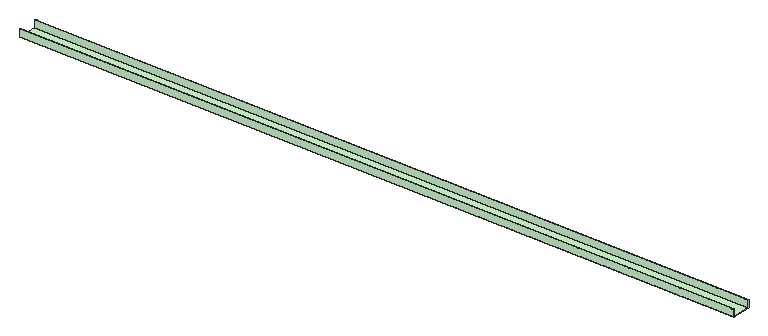
Revit family "SQ-ランナー100", category 機械設備, Revit 2020
Family settings
  丸型コネクタ寸法 = 直径を使用
  種別 = なし
  パーツ タイプ = 標準
  作業面ベース = いいえ
  常に垂直 = はい
  ロード時にボイドで切り取り = いいえ
  共有 = いいえ
  部屋計算ポイント = いいえ
Parameters
  製造元 = "株式会社桐井製作所"
  既定の高さ = 0 mm
  URL = "https://www.kirii.co.jp/"
  K_長さ(mm) [instance] = 4000 mm
  K_材質 = "SGCC　一般用"
  K_外形寸法(mm) = "102×40×40"
  K_品名 = "SQ-ランナー100"
  K_名称 = "角型スタッド用ランナー"
  K_バージョン情報 = "20210524"
  K_めっき付着量 = "Z08"
  K_JIS規格 = "JIS G 3302"
Reference planes
  plane 1 "中心(正面/背面)": y = 0
  plane 2: z = 0
  plane 3 "中心(左/右)": x = 0
  plane 4: x = 4000
  plane 5: y = 51
  plane 6: y = -51
Forms (mm)
  Extrusion 1, solid
    sketch origin (0, 0, 0) x (0, 1, 0) y (0, 0, 1)
      loop
        line (-51, 0) -> (51, 0) -> (51, 40) -> (50.2, 40) -> (50.2, 0.8) -> (-50.2, 0.8) -> (-50.2, 40) -> (-51, 40) -> (-51, 0)
    from 0 to 4000
Dimensions and locks
  "K_長さ(mm)": plane 3 "中心(左/右)" to plane 4
  aligned and locked: level to plane 2
  aligned and locked: plane 4 to Extrusion 1
  aligned and locked: Extrusion 1 to plane 4
Automatic sketch dimensions
  Extrusion 1 sketch curve to level = 0 mm
  Extrusion 1 sketch curve to plane 6 = 0 mm
  Extrusion 1 sketch curve to Extrusion 1 sketch curve = 0.8 mm
  level to Extrusion 1 sketch curve = 0.8 mm
  Extrusion 1 sketch curve to Extrusion 1 sketch curve = 39.2 mm  (x2)
  Extrusion 1 sketch curve to plane 5 = 0 mm
  Extrusion 1 sketch curve to plane 5 = 0.8 mm
